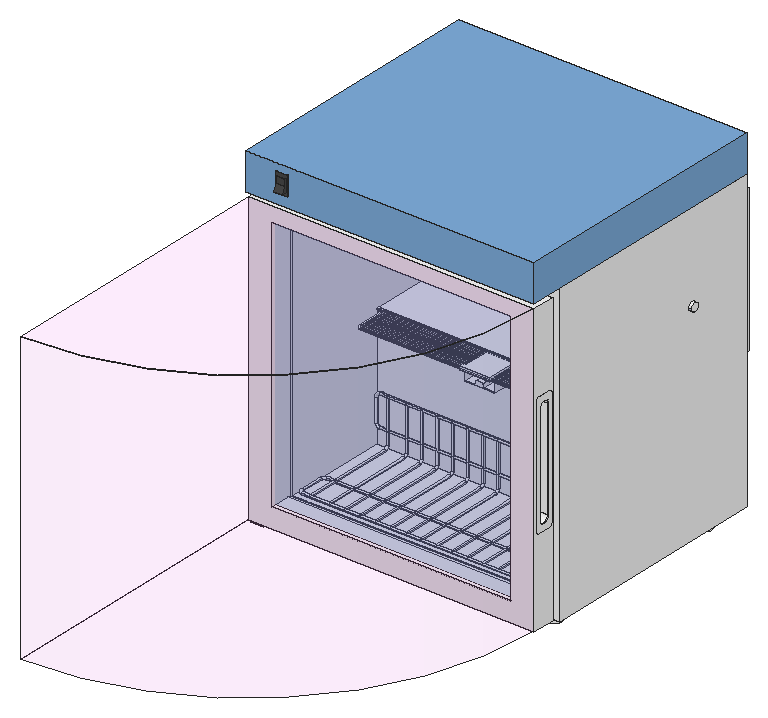
Revit family "QF_Summit_ACR162G_19_Wide_Compact_Healthcare_Refrigerator", category Specialty Equipment, Revit 2020
Family settings
  Round Connector Dimension = Use Diameter
  Part Type = Normal
  Work Plane-Based = No
  Always vertical = Yes
  Cut with Voids When Loaded = No
  Shared = No
  Room Calculation Point = No
Parameters
  Weight in Pounds = 49.6
  Watts = Volts * FL Amps  # 69 W
  Volts = 115 V
  URL Cutsheet = ""
  Specification by User = ""
  Specification by Manufacturer = ""
  Show Right Hand Door [instance] = not(Show Left Hand Door)  # no
  Show Left Hand Door [instance] = yes
  Show Clearance [instance] = yes
  Serial Number = ""
  Seismic Rating = ""
  SMACNA No = ""
  Revision Code = ""
  Refrigerant Type = "R600a"
  Phase = 1
  Number of Poles = 1
  NAFEM Spec ID Number = ""
  Model = "ACR162G"
  Min Ckt Ampacity = 0 A
  Max Overcurrent Protection = 0 A
  Masterspec = ""
  Manufacturer = "Summit"
  Length = 18 3/4"
  Item Number = ""
  Installed By = ""
  Identify Quantity as Lot = yes
  Height = 22.88"
  HP = ""
  Furnished By = ""
  Foodservice Equipment Identifier = yes
  FL Amps = 0.6 A
  Electrical Remarks = ""
  Electric Connection Type = ""
  Elec Conn RI Height = 0"
  Elec Conn Connection Height = 0"
  Description = "19\" Wide Compact Healthcare Refrigerator"
  Depth = 18"
  Default Elevation = 0"
  Cycle = 60 Hz
  Conn Plug = ""
  Conn Conduit = yes
  CSI MasterFormat = ""
  Apparent Power = 0 VA
Reference planes (in)
  plane 1 "BACK": y = 0
  plane 2: z = 0
  plane 3 "LEFT": x = 0
  plane 4 "RIGHT": x = 18.75
  plane 5 "FRONT": y = -18
  plane 6 "TOP": z = 22.88
  plane 7 "Center Y": x = 9.375
  plane 8 "Center X": y = -9
  plane 9: z = 14.75
Forms (in)
  Extrusion 1, solid, material "QF_Plastic_Light_Blue_Smooth"
    sketch origin (0, -0.625, 22.875) x (0, 0, -1) y (1, 0, 0)
      loop
        line (-0.005, 0) -> (2.375, 0) -> (2.375, 18.75) -> (-0.005, 18.75) -> (-0.005, 0)
    from 0 to 17.375
  Extrusion 2, solid, material "QF_Plastic_White_Smooth"
    sketch origin (0, 0, 0) x (0, 1, 0) y (0, 0, 1)
      loop
        line (-15.875, 20.5) -> (-15.875, 1) -> (-0.625, 1) -> (-0.625, 20.5) -> (-15.875, 20.5)
    from 0 to 18.75
  Extrusion 3, void
    sketch origin (1.5625, -3.75, 48) x (0, 1, 0) y (0, 0, 1)
      loop
        line (-12.125, -28.8125) -> (-12.125, -45.75) -> (0, -45.75) -> (0, -28.8125) -> (-12.125, -28.8125)
    from -0.25 to 15.875
  Extrusion 4, solid, material "QF_Plastic_White_Smooth"
    sketch origin (0, -15.875, 20.125) x (0, 0, 1) y (-1, 0, 0)
      loop
        line (-0.5, -0.5625) -> (-18.375, -0.5625) -> (-18.375, -18.1875) -> (-0.5, -18.1875) -> (-0.5, -0.5625)
      loop
        line (-0.9375, -1.3125) -> (-17.875, -1.3125) -> (-17.875, -17.4375) -> (-0.9375, -17.4375) -> (-0.9375, -1.3125)
    from 0 to 0.5
  Extrusion 5, solid, material "QF_Plastic_White_Smooth"
    sketch origin (0.375, 0, 48) x (0, -1, 0) y (0, 0, 1)
      loop
        line (0.5, -39.5) -> (0.5, -47) -> (0.625, -47) -> (0.625, -39.5) -> (0.5, -39.5)
      loop
        line (0.625, -28.75) -> (0, -28.75) -> (0, -38.25) -> (0.625, -38.25) -> (0.625, -28.75)
    from 0 to -18
  Revolve 6, solid, material "QF_Plastic_White_Smooth"
    sketch origin (1.5, -180, 0) x (0, 0, 1) y (0, -1, 0)
      loop
        line (0, -165.625) -> (0, -166.125) -> (1, -166.125) -> (1, -165.625) -> (0, -165.625)
      axis (1, -165.625) -> (0, -165.625)
    angle from 0 to 360
  Revolve 7, solid, material "QF_Plastic_White_Smooth"
    sketch origin (1.5, -180, 0) x (0, 0, 1) y (0, -1, 0)
      loop
        line (0, -177.875) -> (0, -178.375) -> (1, -178.375) -> (1, -177.875) -> (0, -177.875)
      axis (1, -177.875) -> (0, -177.875)
    angle from 0 to 360
  Revolve 8, solid, material "QF_Plastic_White_Smooth"
    sketch origin (17.25, -180, 0) x (0, 0, 1) y (0, 1, 0)
      loop
        line (0, 165.625) -> (1, 165.625) -> (1, 166.125) -> (0, 166.125) -> (0, 165.625)
      axis (1, 165.625) -> (0, 165.625)
    angle from 0 to 360
  Revolve 9, solid, material "QF_Plastic_White_Smooth"
    sketch origin (17.25, -180, 0) x (0, 0, 1) y (0, 1, 0)
      loop
        line (0, 177.875) -> (1, 177.875) -> (1, 178.375) -> (0, 178.375) -> (0, 177.875)
      axis (1, 177.875) -> (0, 177.875)
    angle from 0 to 360
  Extrusion 10, solid, material "QF_Plastic_White_Smooth"
    sketch origin (18.75, 0, 0) x (0, 1, 0) y (0, 0, 1)
      loop
        circle (-5.125, 14.75) r 0.25
    from 0 to 0.25
  Extrusion 11, solid, material "QF_Plastic_White_Smooth"
    sketch origin (1.3125, -3.75, 48) x (0, 1, 0) y (0, 0, 1)
      loop
        line (0, -45.75) -> (0, -38) -> (-5.25, -38) -> (-5.25, -45.75) -> (0, -45.75)
    from 0 to 16.125
  Extrusion 12, solid, material "QF_Metal_Stainless_Polished"
    sketch origin (0.375, -0.5, 7.10956) x (0, 0, 1) y (1, 0, 0)
      loop
        circle (-5.46974, 16.25) r 0.25
    from 0 to 0.03125
  Extrusion 13, solid, material "QF_Plastic_White_Smooth"
    sketch origin (8.375, -180, 12.86214) x (0, 0, 1) y (0, -1, 0)
      loop
        line (-2.65962, -171) -> (-2.65962, -168.94531) -> (-2.90962, -168.94531) -> (-2.90962, -169.25) -> (-2.77431, -169.25) -> (-2.77431, -169.16907) -> (-2.86675, -169.16907) -> (-2.86675, -169.02734) -> (-2.74165, -169.02734) -> (-2.74165, -171) -> (-2.65962, -171)
    from 0 to 2
  Extrusion 14, solid, material "QF_Plastic_White_Smooth"
    sketch origin (0, -9.27548, 11.186) x (0, 0, 1) y (1, 0, 0)
      loop
        line (-1.06551, 8.375) -> (-1.06551, 10.375) -> (-2.061, 10.375) -> (-2.061, 8.375) -> (-1.06551, 8.375)
      loop
        line (-2.02975, 8.40625) -> (-1.09676, 8.40625) -> (-1.09676, 10.34375) -> (-2.02975, 10.34375) -> (-2.02975, 9.625) -> (-1.80319, 9.625)
        arc (-1.80319, 9.625) -> (-1.78662, 9.61814) -> (-1.77975, 9.60156) r 0.02344
        line (-1.77975, 9.60156) -> (-1.77975, 9.15005)
        arc (-1.77975, 9.15005) -> (-1.78709, 9.13234) -> (-1.8048, 9.125) r 0.02505
        line (-1.8048, 9.125) -> (-2.02975, 9.125) -> (-2.02975, 8.40625)
    from 0.27548 to -1.38241
  Extrusion 15, solid, material "QF_Plastic_White_Smooth"
    sketch origin (1.3125, -3.75, 48) x (0, 1, 0) y (0, 0, 1)
      loop
        line (-5.23406, -37.87565) -> (0, -37.87565) -> (0, -37.79748) -> (-5.16817, -37.79748)
        arc (-5.16817, -37.79748) -> (-5.19238, -37.8023) -> (-5.21291, -37.81601) r 0.06328
        line (-5.21291, -37.81601) -> (-5.24533, -37.84843)
        arc (-5.24533, -37.84843) -> (-5.24879, -37.8658) -> (-5.23406, -37.87565) r 0.01594
    from 0 to 16.125
  Sweep 16, solid, material "QF_Plastic_White_Smooth"
    path origin (0, 0, 0) x (1, 0, 0) y (0, 1, 0)
      loop
        arc (1.90625, -8.79317) -> (1.72947, -8.86639) -> (1.65625, -9.04317) r 0.25
        line (1.65625, -9.04317) -> (1.65625, -10.75387)
        arc (1.65625, -10.75387) -> (1.72947, -10.93065) -> (1.90625, -11.00387) r 0.25
        line (1.90625, -11.00387) -> (16.84375, -11.00387)
        arc (16.84375, -11.00387) -> (17.02053, -10.93065) -> (17.09375, -10.75387) r 0.25
        line (17.09375, -10.75387) -> (17.09375, -9.04317)
        arc (17.09375, -9.04317) -> (17.02053, -8.86639) -> (16.84375, -8.79317) r 0.25
        line (16.84375, -8.79317) -> (1.90625, -8.79317)
    profile origin (9.375, -8.79317, 0) x (0, 1, 0) y (0, 0, 1)
      loop
        circle (0, 10.05073) r 0.0355
  Extrusion 17, solid, material "QF_Plastic_White_Smooth"
    sketch origin (0, -10.91087, 10.09599) x (0, 0, 1) y (1, 0, 0)
      loop
        circle (-0.03314, 1.77198) r 0.01764
      loop
        circle (-0.03314, 1.82589) r 0.01764
      loop
        circle (-0.03314, 1.87572) r 0.01764
      loop
        circle (-0.03314, 1.93129) r 0.01764
      loop
        circle (-0.03314, 1.98683) r 0.01764
      loop
        circle (-0.03314, 2.04074) r 0.01764
      loop
        circle (-0.03314, 2.09236) r 0.01764
      loop
        circle (-0.03314, 2.14793) r 0.01764
      loop
        circle (-0.03314, 2.20347) r 0.01764
      loop
        circle (-0.03314, 2.25739) r 0.01764
      loop
        circle (-0.03314, 2.30758) r 0.01764
      loop
        circle (-0.03314, 2.36316) r 0.01764
      loop
        circle (-0.03314, 2.4187) r 0.01764
      loop
        circle (-0.03314, 2.47261) r 0.01764
      loop
        circle (-0.03314, 2.52244) r 0.01764
      loop
        circle (-0.03314, 2.57801) r 0.01764
      loop
        circle (-0.03314, 2.63356) r 0.01764
      loop
        circle (-0.03314, 2.68747) r 0.01764
      loop
        circle (-0.03314, 2.73908) r 0.01764
      loop
        circle (-0.03314, 2.79465) r 0.01764
      loop
        circle (-0.03314, 2.8502) r 0.01764
      loop
        circle (-0.03314, 2.90411) r 0.01764
      loop
        circle (-0.03314, 2.95577) r 0.01764
      loop
        circle (-0.03314, 3.01135) r 0.01764
      loop
        circle (-0.03314, 3.06689) r 0.01764
      loop
        circle (-0.03314, 3.1208) r 0.01764
      loop
        circle (-0.03314, 3.17063) r 0.01764
      loop
        circle (-0.03314, 3.2262) r 0.01764
      loop
        circle (-0.03314, 3.28175) r 0.01764
      loop
        circle (-0.03314, 3.33566) r 0.01764
      loop
        circle (-0.03314, 3.38727) r 0.01764
      loop
        circle (-0.03314, 3.44284) r 0.01764
      loop
        circle (-0.03314, 3.49839) r 0.01764
      loop
        circle (-0.03314, 3.5523) r 0.01764
      loop
        circle (-0.03314, 3.60185) r 0.01764
      loop
        circle (-0.03314, 3.65742) r 0.01764
      loop
        circle (-0.03314, 3.71296) r 0.01764
      loop
        circle (-0.03314, 3.76688) r 0.01764
      loop
        circle (-0.03314, 3.8167) r 0.01764
      loop
        circle (-0.03314, 3.87227) r 0.01764
      loop
        circle (-0.03314, 3.92782) r 0.01764
      loop
        circle (-0.03314, 3.98173) r 0.01764
      loop
        circle (-0.03314, 4.03335) r 0.01764
      loop
        circle (-0.03314, 4.08892) r 0.01764
      loop
        circle (-0.03314, 4.14446) r 0.01764
      loop
        circle (-0.03314, 4.19837) r 0.01764
      loop
        circle (-0.03314, 4.25008) r 0.01764
      loop
        circle (-0.03314, 4.30565) r 0.01764
      loop
        circle (-0.03314, 4.3612) r 0.01764
      loop
        circle (-0.03314, 4.41511) r 0.01764
      loop
        circle (-0.03314, 4.46494) r 0.01764
      loop
        circle (-0.03314, 4.52051) r 0.01764
      loop
        circle (-0.03314, 4.57606) r 0.01764
      loop
        circle (-0.03314, 4.62997) r 0.01764
      loop
        circle (-0.03314, 4.68158) r 0.01764
      loop
        circle (-0.03314, 4.73715) r 0.01764
      loop
        circle (-0.03314, 4.7927) r 0.01764
      loop
        circle (-0.03314, 4.84661) r 0.01764
      loop
        circle (-0.03314, 4.89492) r 0.01764
      loop
        circle (-0.03314, 4.95049) r 0.01764
      loop
        circle (-0.03314, 5.00604) r 0.01764
      loop
        circle (-0.03314, 5.05995) r 0.01764
      loop
        circle (-0.03314, 5.10978) r 0.01764
      loop
        circle (-0.03314, 5.16535) r 0.01764
      loop
        circle (-0.03314, 5.22089) r 0.01764
      loop
        circle (-0.03314, 5.27481) r 0.01764
      loop
        circle (-0.03314, 5.32642) r 0.01764
      loop
        circle (-0.03314, 5.38199) r 0.01764
      loop
        circle (-0.03314, 5.43754) r 0.01764
      loop
        circle (-0.03314, 5.49145) r 0.01764
      loop
        circle (-0.03314, 5.54645) r 0.01764
      loop
        circle (-0.03314, 5.60202) r 0.01764
      loop
        circle (-0.03314, 5.65757) r 0.01764
      loop
        circle (-0.03314, 5.71148) r 0.01764
      loop
        circle (-0.03314, 5.76131) r 0.01764
      loop
        circle (-0.03314, 5.81688) r 0.01764
      loop
        circle (-0.03314, 5.87242) r 0.01764
      loop
        circle (-0.03314, 5.92634) r 0.01764
      loop
        circle (-0.03314, 5.97795) r 0.01764
      loop
        circle (-0.03314, 6.03352) r 0.01764
      loop
        circle (-0.03314, 6.08907) r 0.01764
      loop
        circle (-0.03314, 6.14298) r 0.01764
      loop
        circle (-0.03314, 6.19487) r 0.01764
      loop
        circle (-0.03314, 6.25045) r 0.01764
      loop
        circle (-0.03314, 6.30599) r 0.01764
      loop
        circle (-0.03314, 6.3599) r 0.01764
      loop
        circle (-0.03314, 6.40821) r 0.01764
      loop
        circle (-0.03314, 6.46379) r 0.01764
      loop
        circle (-0.03314, 6.51933) r 0.01764
      loop
        circle (-0.03314, 6.57324) r 0.01764
      loop
        circle (-0.03314, 6.62307) r 0.01764
      loop
        circle (-0.03314, 6.67864) r 0.01764
      loop
        circle (-0.03314, 6.73419) r 0.01764
      loop
        circle (-0.03314, 6.7881) r 0.01764
      loop
        circle (-0.03314, 6.83971) r 0.01764
      loop
        circle (-0.03314, 6.89528) r 0.01764
      loop
        circle (-0.03314, 6.95083) r 0.01764
      loop
        circle (-0.03314, 7.00474) r 0.01764
      loop
        circle (-0.03314, 7.05974) r 0.01764
      loop
        circle (-0.03314, 7.11532) r 0.01764
      loop
        circle (-0.03314, 7.17086) r 0.01764
      loop
        circle (-0.03314, 7.22477) r 0.01764
      loop
        circle (-0.03314, 7.2746) r 0.01764
      loop
        circle (-0.03314, 7.33017) r 0.01764
      loop
        circle (-0.03314, 7.38572) r 0.01764
      loop
        circle (-0.03314, 7.43963) r 0.01764
      loop
        circle (-0.03314, 7.49124) r 0.01764
      loop
        circle (-0.03314, 7.54681) r 0.01764
      loop
        circle (-0.03314, 7.60236) r 0.01764
      loop
        circle (-0.03314, 7.65627) r 0.01764
      loop
        circle (-0.03314, 7.70779) r 0.01764
      loop
        circle (-0.03314, 7.76279) r 0.01764
      loop
        circle (-0.03314, 7.81836) r 0.01764
      loop
        circle (-0.03314, 7.8739) r 0.01764
      loop
        circle (-0.03314, 7.92782) r 0.01764
      loop
        circle (-0.03314, 7.97764) r 0.01764
      loop
        circle (-0.03314, 8.03322) r 0.01764
      loop
        circle (-0.03314, 8.08876) r 0.01764
      loop
        circle (-0.03314, 8.14267) r 0.01764
      loop
        circle (-0.03314, 8.19429) r 0.01764
      loop
        circle (-0.03314, 8.24986) r 0.01764
      loop
        circle (-0.03314, 8.3054) r 0.01764
      loop
        circle (-0.03314, 8.35541) r 0.01764
      loop
        circle (-0.03314, 16.97802) r 0.01764
      loop
        circle (-0.03314, 16.92411) r 0.01764
      loop
        circle (-0.03314, 16.87428) r 0.01764
      loop
        circle (-0.03314, 16.81871) r 0.01764
      loop
        circle (-0.03314, 16.76317) r 0.01764
      loop
        circle (-0.03314, 16.70926) r 0.01764
      loop
        circle (-0.03314, 16.65764) r 0.01764
      loop
        circle (-0.03314, 16.60207) r 0.01764
      loop
        circle (-0.03314, 16.54653) r 0.01764
      loop
        circle (-0.03314, 16.49261) r 0.01764
      loop
        circle (-0.03314, 16.44242) r 0.01764
      loop
        circle (-0.03314, 16.38684) r 0.01764
      loop
        circle (-0.03314, 16.3313) r 0.01764
      loop
        circle (-0.03314, 16.27739) r 0.01764
      loop
        circle (-0.03314, 16.22756) r 0.01764
      loop
        circle (-0.03314, 16.17199) r 0.01764
      loop
        circle (-0.03314, 16.11644) r 0.01764
      loop
        circle (-0.03314, 16.06253) r 0.01764
      loop
        circle (-0.03314, 16.01092) r 0.01764
      loop
        circle (-0.03314, 15.95535) r 0.01764
      loop
        circle (-0.03314, 15.8998) r 0.01764
      loop
        circle (-0.03314, 15.84589) r 0.01764
      loop
        circle (-0.03314, 15.79423) r 0.01764
      loop
        circle (-0.03314, 15.73865) r 0.01764
      loop
        circle (-0.03314, 15.68311) r 0.01764
      loop
        circle (-0.03314, 15.6292) r 0.01764
      loop
        circle (-0.03314, 15.57937) r 0.01764
      loop
        circle (-0.03314, 15.5238) r 0.01764
      loop
        circle (-0.03314, 15.46825) r 0.01764
      loop
        circle (-0.03314, 15.41434) r 0.01764
      loop
        circle (-0.03314, 15.36273) r 0.01764
      loop
        circle (-0.03314, 15.30716) r 0.01764
      loop
        circle (-0.03314, 15.25161) r 0.01764
      loop
        circle (-0.03314, 15.1977) r 0.01764
      loop
        circle (-0.03314, 15.14815) r 0.01764
      loop
        circle (-0.03314, 15.09258) r 0.01764
      loop
        circle (-0.03314, 15.03704) r 0.01764
      loop
        circle (-0.03314, 14.98312) r 0.01764
      loop
        circle (-0.03314, 14.9333) r 0.01764
      loop
        circle (-0.03314, 14.87773) r 0.01764
      loop
        circle (-0.03314, 14.82218) r 0.01764
      loop
        circle (-0.03314, 14.76827) r 0.01764
      loop
        circle (-0.03314, 14.71665) r 0.01764
      loop
        circle (-0.03314, 14.66108) r 0.01764
      loop
        circle (-0.03314, 14.60554) r 0.01764
      loop
        circle (-0.03314, 14.55163) r 0.01764
      loop
        circle (-0.03314, 14.49992) r 0.01764
      loop
        circle (-0.03314, 14.44435) r 0.01764
      loop
        circle (-0.03314, 14.3888) r 0.01764
      loop
        circle (-0.03314, 14.33489) r 0.01764
      loop
        circle (-0.03314, 14.28506) r 0.01764
      loop
        circle (-0.03314, 14.22949) r 0.01764
      loop
        circle (-0.03314, 14.17394) r 0.01764
      loop
        circle (-0.03314, 14.12003) r 0.01764
      loop
        circle (-0.03314, 14.06842) r 0.01764
      loop
        circle (-0.03314, 14.01285) r 0.01764
      loop
        circle (-0.03314, 13.9573) r 0.01764
      loop
        circle (-0.03314, 13.90339) r 0.01764
      loop
        circle (-0.03314, 13.85508) r 0.01764
      loop
        circle (-0.03314, 13.79951) r 0.01764
      loop
        circle (-0.03314, 13.74396) r 0.01764
      loop
        circle (-0.03314, 13.69005) r 0.01764
      loop
        circle (-0.03314, 13.64022) r 0.01764
      loop
        circle (-0.03314, 13.58465) r 0.01764
      loop
        circle (-0.03314, 13.52911) r 0.01764
      loop
        circle (-0.03314, 13.47519) r 0.01764
      loop
        circle (-0.03314, 13.42358) r 0.01764
      loop
        circle (-0.03314, 13.36801) r 0.01764
      loop
        circle (-0.03314, 13.31246) r 0.01764
      loop
        circle (-0.03314, 13.25855) r 0.01764
      loop
        circle (-0.03314, 13.20355) r 0.01764
      loop
        circle (-0.03314, 13.14798) r 0.01764
      loop
        circle (-0.03314, 13.09243) r 0.01764
      loop
        circle (-0.03314, 13.03852) r 0.01764
      loop
        circle (-0.03314, 12.98869) r 0.01764
      loop
        circle (-0.03314, 12.93312) r 0.01764
      loop
        circle (-0.03314, 12.87758) r 0.01764
      loop
        circle (-0.03314, 12.82366) r 0.01764
      loop
        circle (-0.03314, 12.77205) r 0.01764
      loop
        circle (-0.03314, 12.71648) r 0.01764
      loop
        circle (-0.03314, 12.66093) r 0.01764
      loop
        circle (-0.03314, 12.60702) r 0.01764
      loop
        circle (-0.03314, 12.55513) r 0.01764
      loop
        circle (-0.03314, 12.49955) r 0.01764
      loop
        circle (-0.03314, 12.44401) r 0.01764
      loop
        circle (-0.03314, 12.3901) r 0.01764
      loop
        circle (-0.03314, 12.34179) r 0.01764
      loop
        circle (-0.03314, 12.28621) r 0.01764
      loop
        circle (-0.03314, 12.23067) r 0.01764
      loop
        circle (-0.03314, 12.17676) r 0.01764
      loop
        circle (-0.03314, 12.12693) r 0.01764
      loop
        circle (-0.03314, 12.07136) r 0.01764
      loop
        circle (-0.03314, 12.01581) r 0.01764
      loop
        circle (-0.03314, 11.9619) r 0.01764
      loop
        circle (-0.03314, 11.91029) r 0.01764
      loop
        circle (-0.03314, 11.85472) r 0.01764
      loop
        circle (-0.03314, 11.79917) r 0.01764
      loop
        circle (-0.03314, 11.74526) r 0.01764
      loop
        circle (-0.03314, 11.69026) r 0.01764
      loop
        circle (-0.03314, 11.63468) r 0.01764
      loop
        circle (-0.03314, 11.57914) r 0.01764
      loop
        circle (-0.03314, 11.52523) r 0.01764
      loop
        circle (-0.03314, 11.4754) r 0.01764
      loop
        circle (-0.03314, 11.41983) r 0.01764
      loop
        circle (-0.03314, 11.36428) r 0.01764
      loop
        circle (-0.03314, 11.31037) r 0.01764
      loop
        circle (-0.03314, 11.25876) r 0.01764
      loop
        circle (-0.03314, 11.20319) r 0.01764
      loop
        circle (-0.03314, 11.14764) r 0.01764
      loop
        circle (-0.03314, 11.09373) r 0.01764
      loop
        circle (-0.03314, 11.04221) r 0.01764
      loop
        circle (-0.03314, 10.98721) r 0.01764
      loop
        circle (-0.03314, 10.93164) r 0.01764
      loop
        circle (-0.03314, 10.8761) r 0.01764
      loop
        circle (-0.03314, 10.82218) r 0.01764
      loop
        circle (-0.03314, 10.77236) r 0.01764
      loop
        circle (-0.03314, 10.71678) r 0.01764
      loop
        circle (-0.03314, 10.66124) r 0.01764
      loop
        circle (-0.03314, 10.60733) r 0.01764
      loop
        circle (-0.03314, 10.55571) r 0.01764
      loop
        circle (-0.03314, 10.50014) r 0.01764
      loop
        circle (-0.03314, 10.4446) r 0.01764
      loop
        circle (-0.03314, 10.39459) r 0.01764
    from -0.0773 to 2.0978
  Extrusion 18, void
    sketch origin (0, 0, 0) x (1, 0, 0) y (0, 0, 1)
      loop
        circle (9.375, 17.09918) r 1.86562
    from 3.47603 to 3.75
  Extrusion 19, solid, material "QF_Metal_Stainless_Polished"
    sketch origin (1.5625, -3.75, 18.875) x (0, 0, -1) y (1, 0, 0)
      loop
        circle (-0.00451, 6.03217) r 0.15366
      loop
        circle (-0.00451, 9.59283) r 0.15366
      loop
        circle (3.55615, 9.59283) r 0.15366
      loop
        circle (3.55615, 6.03217) r 0.15366
    from 0 to 0.125
  Sweep 20, solid, material "QF_Metal_Stainless_Polished"
    path origin (0, -3.81274, 20.9043) x (0, 0, 1) y (1, 0, 0)
      loop
        line (-5.58545, 7.62333) -> (-3.96866, 9.10058)
        arc (-3.96866, 9.10058) -> (-3.80512, 9.16404) -> (-3.64159, 9.10058) r 0.24244
        line (-3.64159, 9.10058) -> (-2.02479, 7.62333)
    profile origin (8.36196, -3.81274, 16.12724) x (0.738248, 0, -0.674529) y (0, 1, 0)
      loop
        circle (0, 0) r 0.0625
  Sweep 21, solid, material "QF_Metal_Stainless_Polished"
    path origin (0, -3.81274, 20.9043) x (0, 0, 1) y (1, 0, 0)
      loop
        line (-5.58545, 11.12667) -> (-3.96866, 9.64942)
        arc (-3.96866, 9.64942) -> (-3.80512, 9.58596) -> (-3.64159, 9.64942) r 0.24244
        line (-3.64159, 9.64942) -> (-2.02479, 11.12667)
    profile origin (10.38804, -3.81274, 16.12724) x (0.738248, 0, 0.674529) y (0, 1, 0)
      loop
        circle (0, 0) r 0.0625
  Sweep 22, solid, material "QF_Metal_Stainless_Polished"
    path origin (0, -3.75, 18.34918) x (0, 0, 1) y (1, 0, 0)
      loop
        circle (-1.25, 9.375) r 1.79706
    profile origin (7.57794, -3.75, 17.09918) x (0, 1, 0) y (-1, 0, 0)
      loop
        circle (0, 0) r 0.03311
  Sweep 23, solid, material "QF_Metal_Stainless_Polished"
    path origin (0, -3.75, 18.34918) x (0, 0, 1) y (1, 0, 0)
      loop
        circle (-1.25, 9.375) r 1.58291
    profile origin (7.79209, -3.75, 17.09918) x (0, 1, 0) y (-1, 0, 0)
      loop
        circle (0, 0) r 0.03311
  Sweep 24, solid, material "QF_Metal_Stainless_Polished"
    path origin (0, -3.75, 18.34918) x (0, 0, 1) y (1, 0, 0)
      loop
        circle (-1.25, 9.375) r 1.33469
    profile origin (8.04031, -3.75, 17.09918) x (0, 1, 0) y (-1, 0, 0)
      loop
        circle (0, 0) r 0.03311
  Sweep 25, solid, material "QF_Metal_Stainless_Polished"
    path origin (0, -3.75, 18.34918) x (0, 0, 1) y (1, 0, 0)
      loop
        circle (-1.25, 9.375) r 1.07736
    profile origin (8.29764, -3.75, 17.09918) x (0, 1, 0) y (-1, 0, 0)
      loop
        circle (0, 0) r 0.03311
  Sweep 26, solid, material "QF_Metal_Stainless_Polished"
    path origin (0, -3.75, 18.34918) x (0, 0, 1) y (1, 0, 0)
      loop
        circle (-1.25, 9.375) r 0.57884
    profile origin (8.79616, -3.75, 17.09918) x (0, 1, 0) y (-1, 0, 0)
      loop
        circle (0, 0) r 0.03311
  Sweep 27, solid, material "QF_Metal_Stainless_Polished"
    path origin (0, -3.75, 18.34918) x (0, 0, 1) y (1, 0, 0)
      loop
        circle (-1.25, 9.375) r 0.83566
    profile origin (8.53934, -3.75, 17.09918) x (0, 1, 0) y (-1, 0, 0)
      loop
        circle (0, 0) r 0.03311
  Sweep 28, solid, material "QF_Plastic_White_Smooth"
    path origin (0, -18, 0) x (1, 0, 0) y (0, 0, 1)
      loop
        arc (1.67793, 5.3819) -> (1.50115, 5.30868) -> (1.42793, 5.1319) r 0.25
        line (1.42793, 5.1319) -> (1.42793, 3.6319)
        arc (1.42793, 3.6319) -> (1.50115, 3.45513) -> (1.67793, 3.3819) r 0.25
        line (1.67793, 3.3819) -> (17.07031, 3.3819)
        arc (17.07031, 3.3819) -> (17.24709, 3.45513) -> (17.32031, 3.6319) r 0.25
        line (17.32031, 3.6319) -> (17.32031, 5.1319)
        arc (17.32031, 5.1319) -> (17.24709, 5.30868) -> (17.07031, 5.3819) r 0.25
        line (17.07031, 5.3819) -> (1.67793, 5.3819)
    profile origin (9.37412, -18, 5.3819) x (0, 0, 1) y (0, -1, 0)
      loop
        circle (0, -8.8432) r 0.07039
  Sweep 29, solid, material "QF_Plastic_White_Smooth"
    path origin (0, 0.00146, 0.02344) x (0, 1, 0) y (0, 0, 1)
      loop
        line (-9.15856, 5.38619) -> (-9.15856, 2.54244)
        arc (-9.15856, 2.54244) -> (-9.23179, 2.36567) -> (-9.40856, 2.29244) r 0.25
        line (-9.40856, 2.29244) -> (-15.47037, 2.29244)
    profile origin (0, -9.1571, 3.98776) x (1, 0, 0) y (0, 1, 0)
      loop
        circle (2.15767, 0) r 0.06257
  Sweep 30, solid, material "QF_Plastic_White_Smooth"
    path origin (3.40767, 0.00146, 0.02344) x (0, 1, 0) y (0, 0, 1)
      loop
        line (-9.15856, 5.38619) -> (-9.15856, 2.54244)
        arc (-9.15856, 2.54244) -> (-9.23179, 2.36567) -> (-9.40856, 2.29244) r 0.25
        line (-9.40856, 2.29244) -> (-15.47037, 2.29244)
    profile origin (3.40767, -9.1571, 3.98776) x (1, 0, 0) y (0, 1, 0)
      loop
        circle (0, 0) r 0.0625
  Sweep 31, solid, material "QF_Plastic_White_Smooth"
    path origin (2.25, 0.00146, 0.02344) x (0, 1, 0) y (0, 0, 1)
      loop
        line (-9.15856, 5.38619) -> (-9.15856, 2.54244)
        arc (-9.15856, 2.54244) -> (-9.23179, 2.36567) -> (-9.40856, 2.29244) r 0.25
        line (-9.40856, 2.29244) -> (-15.47037, 2.29244)
    profile origin (2.25, -9.1571, 3.98776) x (1, 0, 0) y (0, 1, 0)
      loop
        circle (2.15767, 0) r 0.0625
  Sweep 32, solid, material "QF_Plastic_White_Smooth"
    path origin (5.40767, 0.00146, 0.02344) x (0, 1, 0) y (0, 0, 1)
      loop
        line (-9.15856, 5.38619) -> (-9.15856, 2.54244)
        arc (-9.15856, 2.54244) -> (-9.23179, 2.36567) -> (-9.40856, 2.29244) r 0.25
        line (-9.40856, 2.29244) -> (-15.47037, 2.29244)
    profile origin (5.40767, -9.1571, 3.98776) x (1, 0, 0) y (0, 1, 0)
      loop
        circle (0, 0) r 0.0625
  Sweep 33, solid, material "QF_Plastic_White_Smooth"
    path origin (6.40767, 0.00146, 0.02344) x (0, 1, 0) y (0, 0, 1)
      loop
        line (-9.15856, 5.38619) -> (-9.15856, 2.54244)
        arc (-9.15856, 2.54244) -> (-9.23179, 2.36567) -> (-9.40856, 2.29244) r 0.25
        line (-9.40856, 2.29244) -> (-15.47037, 2.29244)
    profile origin (6.40767, -9.1571, 3.98776) x (1, 0, 0) y (0, 1, 0)
      loop
        circle (0, 0) r 0.0625
  Sweep 34, solid, material "QF_Plastic_White_Smooth"
    path origin (7.40767, 0.00146, 0.02344) x (0, 1, 0) y (0, 0, 1)
      loop
        line (-9.15856, 5.38619) -> (-9.15856, 2.54244)
        arc (-9.15856, 2.54244) -> (-9.23179, 2.36567) -> (-9.40856, 2.29244) r 0.25
        line (-9.40856, 2.29244) -> (-15.47037, 2.29244)
    profile origin (7.40767, -9.1571, 3.98776) x (1, 0, 0) y (0, 1, 0)
      loop
        circle (0, 0) r 0.0625
  Sweep 35, solid, material "QF_Plastic_White_Smooth"
    path origin (8.40767, 0.00146, 0.02344) x (0, 1, 0) y (0, 0, 1)
      loop
        line (-9.15856, 5.38619) -> (-9.15856, 2.54244)
        arc (-9.15856, 2.54244) -> (-9.23179, 2.36567) -> (-9.40856, 2.29244) r 0.25
        line (-9.40856, 2.29244) -> (-15.47037, 2.29244)
    profile origin (8.40767, -9.1571, 3.98776) x (1, 0, 0) y (0, 1, 0)
      loop
        circle (0, 0) r 0.0625
  Sweep 36, solid, material "QF_Plastic_White_Smooth"
    path origin (9.375, 0.00146, 0.02344) x (0, 1, 0) y (0, 0, 1)
      loop
        line (-9.15856, 5.38619) -> (-9.15856, 2.54244)
        arc (-9.15856, 2.54244) -> (-9.23179, 2.36567) -> (-9.40856, 2.29244) r 0.25
        line (-9.40856, 2.29244) -> (-15.47037, 2.29244)
    profile origin (9.375, -9.1571, 3.98776) x (1, 0, 0) y (0, 1, 0)
      loop
        circle (0, 0) r 0.0625
  Sweep 37, solid, material "QF_Plastic_White_Smooth"
    path origin (10.40767, 0.00146, 0.02344) x (0, 1, 0) y (0, 0, 1)
      loop
        line (-9.15856, 5.38619) -> (-9.15856, 2.54244)
        arc (-9.15856, 2.54244) -> (-9.23179, 2.36567) -> (-9.40856, 2.29244) r 0.25
        line (-9.40856, 2.29244) -> (-15.47037, 2.29244)
    profile origin (10.40767, -9.1571, 3.98776) x (1, 0, 0) y (0, 1, 0)
      loop
        circle (0, 0) r 0.0625
  Sweep 38, solid, material "QF_Plastic_White_Smooth"
    path origin (11.40767, 0.00146, 0.02344) x (0, 1, 0) y (0, 0, 1)
      loop
        line (-9.15856, 5.38619) -> (-9.15856, 2.54244)
        arc (-9.15856, 2.54244) -> (-9.23179, 2.36567) -> (-9.40856, 2.29244) r 0.25
        line (-9.40856, 2.29244) -> (-15.47037, 2.29244)
    profile origin (11.40767, -9.1571, 3.98776) x (1, 0, 0) y (0, 1, 0)
      loop
        circle (0, 0) r 0.0625
  Sweep 39, solid, material "QF_Plastic_White_Smooth"
    path origin (12.40767, 0.00146, 0.02344) x (0, 1, 0) y (0, 0, 1)
      loop
        line (-9.15856, 5.38619) -> (-9.15856, 2.54244)
        arc (-9.15856, 2.54244) -> (-9.23179, 2.36567) -> (-9.40856, 2.29244) r 0.25
        line (-9.40856, 2.29244) -> (-15.47037, 2.29244)
    profile origin (12.40767, -9.1571, 3.98776) x (1, 0, 0) y (0, 1, 0)
      loop
        circle (0, 0) r 0.0625
  Sweep 40, solid, material "QF_Plastic_White_Smooth"
    path origin (13.40767, 0.00146, 0.02344) x (0, 1, 0) y (0, 0, 1)
      loop
        line (-9.15856, 5.38619) -> (-9.15856, 2.54244)
        arc (-9.15856, 2.54244) -> (-9.23179, 2.36567) -> (-9.40856, 2.29244) r 0.25
        line (-9.40856, 2.29244) -> (-15.47037, 2.29244)
    profile origin (13.40767, -9.1571, 3.98776) x (1, 0, 0) y (0, 1, 0)
      loop
        circle (0, 0) r 0.0625
  Sweep 41, solid, material "QF_Plastic_White_Smooth"
    path origin (14.40767, 0.00146, 0.02344) x (0, 1, 0) y (0, 0, 1)
      loop
        line (-9.15856, 5.38619) -> (-9.15856, 2.54244)
        arc (-9.15856, 2.54244) -> (-9.23179, 2.36567) -> (-9.40856, 2.29244) r 0.25
        line (-9.40856, 2.29244) -> (-15.47037, 2.29244)
    profile origin (14.40767, -9.1571, 3.98776) x (1, 0, 0) y (0, 1, 0)
      loop
        circle (0, 0) r 0.0625
  Sweep 42, solid, material "QF_Plastic_White_Smooth"
    path origin (15.40767, 0.00146, 0.02344) x (0, 1, 0) y (0, 0, 1)
      loop
        line (-9.15856, 5.38619) -> (-9.15856, 2.54244)
        arc (-9.15856, 2.54244) -> (-9.23179, 2.36567) -> (-9.40856, 2.29244) r 0.25
        line (-9.40856, 2.29244) -> (-15.47037, 2.29244)
    profile origin (15.40767, -9.1571, 3.98776) x (1, 0, 0) y (0, 1, 0)
      loop
        circle (0, 0) r 0.0625
  Sweep 43, solid, material "QF_Plastic_White_Smooth"
    path origin (16.59233, 0.00146, 0.02344) x (0, 1, 0) y (0, 0, 1)
      loop
        line (-9.15856, 5.38619) -> (-9.15856, 2.54244)
        arc (-9.15856, 2.54244) -> (-9.23179, 2.36567) -> (-9.40856, 2.29244) r 0.25
        line (-9.40856, 2.29244) -> (-15.47037, 2.29244)
    profile origin (16.59233, -9.1571, 3.98776) x (1, 0, 0) y (0, 1, 0)
      loop
        circle (0, 0) r 0.0625
  Sweep 44, solid, material "QF_Plastic_White_Smooth"
    path origin (0, -10.08699, -6.52192) x (0, -1, 0) y (1, 0, 0)
      loop
        line (5.3819, 1.67793) -> (5.3819, 17.07031)
        arc (5.3819, 17.07031) -> (5.30868, 17.24709) -> (5.1319, 17.32031) r 0.25
        line (5.1319, 17.32031) -> (3.6319, 17.32031)
        arc (3.6319, 17.32031) -> (3.45513, 17.24709) -> (3.3819, 17.07031) r 0.25
        line (3.3819, 17.07031) -> (3.3819, 1.67793)
        arc (3.3819, 1.67793) -> (3.45513, 1.50115) -> (3.6319, 1.42793) r 0.25
        line (3.6319, 1.42793) -> (5.1319, 1.42793)
        arc (5.1319, 1.42793) -> (5.30868, 1.50115) -> (5.3819, 1.67793) r 0.25
    profile origin (9.37412, -15.4689, -6.52192) x (0, 1, 0) y (0, 0, 1)
      loop
        circle (0, 8.8432) r 0.07039
  Sweep 45, solid, material "QF_Metal_Stainless_Polished"
    path origin (0, -3.75, 18.34918) x (0, 0, 1) y (1, 0, 0)
      loop
        circle (-1.25, 9.375) r 0.29913
    profile origin (9.07587, -3.75, 17.09918) x (0, 1, 0) y (-1, 0, 0)
      loop
        circle (0, 0) r 0.03311
  Extrusion 46, solid, material "QF_Metallic_Paint_Black_Smooth"
    sketch origin (1.5625, -3.75, 18.875) x (0, 0, -1) y (1, 0, 0)
      loop
        circle (0.02301, 0.09604) r 0.25
      loop
        circle (0.02301, 1.09604) r 0.25
      loop
        circle (0.55334, 0.56571) r 0.25
      loop
        circle (1.08367, 0.03538) r 0.25
      loop
        circle (1.08367, 1.03538) r 0.25
      loop
        circle (4.83011, 0.4525) r 0.25
      loop
        circle (4.83011, 1.7025) r 0.25
      loop
        circle (4.83011, 2.9525) r 0.25
      loop
        circle (4.83011, 4.2025) r 0.25
      loop
        circle (4.83011, 15.1725) r 0.25
      loop
        circle (4.83011, 13.9225) r 0.25
      loop
        circle (4.83011, 12.6725) r 0.25
      loop
        circle (4.83011, 11.4225) r 0.25
    from 0 to 0.03125
  Extrusion 47, solid, material "QF_Metal_Stainless_Polished"
    sketch origin (-2.83942, -18, -0.375) x (1, 0, 0) y (0, 0, 1)
      loop
        line (4.83942, 22.77799) -> (4.83942, 21.52799) -> (5.58942, 21.52799) -> (5.58942, 22.77799) -> (4.83942, 22.77799)
    from 0 to 0.06284
  Extrusion 48, solid, material "QF_Metal_Stainless_Polished"
    sketch origin (2.375, -177, 33.27299) x (0, 0, -1) y (0, -1, 0)
      loop
        line (11.495, -158.93716) -> (11.89901, -158.93716) -> (11.89901, -158.67814) -> (11.495, -158.86654) -> (11.09362, -158.86654) -> (11.09362, -158.93716) -> (11.495, -158.93716)
    from -0.28042 to 0.28363
Cuts and joins
  Extrusion 3, Extrusion 18 cuts Extrusion 2
  Extrusion 18 cuts Extrusion 11
  joined: Extrusion 2, Extrusion 11
Lines and regions (in)
  Split face 1
    outline origin (2.245, -18, 20.7575) x (0, 0, 1) y (-1, 0, 0)
      loop
        circle (0.9766, -7.13) r 0.5
  Split face 2
    outline origin (2.245, -18, 20.7575) x (0, 0, 1) y (-1, 0, 0)
      loop
        circle (0.9766, -7.13) r 0.25
  Split face 3
    outline origin (-0.065, -18, 20.195) x (0, 0, 1) y (-1, 0, 0)
      loop
        line (2.10399, -11.23542) -> (0.85399, -11.23542) -> (0.85399, -14.48542) -> (2.10399, -14.48542) -> (2.10399, -11.23542)
  Split face 4
    outline origin (-0.065, -18, 19.945) x (0, 0, 1) y (-1, 0, 0)
      loop
        line (2.60301, -14.95537) -> (0.85497, -14.95537) -> (0.85497, -18.45537) -> (2.60301, -18.45537) -> (2.60301, -14.95537)
  Split face 5
    outline origin (-0.065, -18, 19.945) x (0, 0, 1) y (-1, 0, 0)
      loop
        line (2.33838, -15.41838) -> (1.08838, -15.41838) -> (1.08838, -18.01344) -> (2.33838, -18.01344) -> (2.33838, -15.41838)
  symbolic lines
    curve 1: line (2, -18, 0) -> (2, -18.06284, 0)
    curve 2: line (2, -18.06284, 0) -> (2.75, -18.06284, 0)
    curve 3: line (2.75, -18.06284, 0) -> (2.75, -18, 0)
    curve 4: line (2.09137, -18.32186, 0) -> (2.09137, -18.06284, 0)
    curve 5: line (2.09137, -18.32186, 0) -> (2.65542, -18.32186, 0)
    curve 6: line (2.65542, -18.32186, 0) -> (2.65542, -18.06284, 0)
    curve 7: line (9.01034, -18, 0) -> (9.01034, -18.03125, 0)
    curve 8: line (9.01034, -18.03125, 0) -> (9.73966, -18.03125, 0)
    curve 9: line (9.73966, -18.03125, 0) -> (9.73966, -18, 0)
    curve 10: line (11.5, -18, 0) -> (11.5, -18.03125, 0)
    curve 11: line (11.5, -18.03125, 0) -> (14.5, -18.03125, 0)
    curve 12: line (14.5, -18.03125, 0) -> (14.5, -18, 0)
    curve 13: line (15.25, -18, 0) -> (15.25, -18.03125, 0)
    curve 14: line (15.25, -18.03125, 0) -> (18.25, -18.03125, 0)
    curve 15: line (18.25, -18.03125, 0) -> (18.25, -18, 0)
    curve 16: line (0, -0.625, 0) -> (18.75, -0.625, 0)
    curve 17: line (0, -18, 0) -> (0, -0.625, 0)
    curve 18: line (18.75, -18, 0) -> (0, -18, 0)
    curve 19: line (18.75, -0.625, 0) -> (18.75, -18, 0)
    curve 20: line (0.375, 0, 0) -> (0.375, -0.625, 0)
    curve 21: line (18.375, 0, 0) -> (0.375, 0, 0)
    curve 22: line (18.375, -0.625, 0) -> (18.375, 0, 0)
    curve 23: line (2.09137, -18.13346, 0) -> (2.65542, -18.13346, 0)
Dimensions and locks (in)
  equal spacing: plane 3 "LEFT", plane 7 "Center Y", plane 4 "RIGHT"
  "Length": plane 3 "LEFT" to plane 4 "RIGHT"
  equal spacing: plane 5 "FRONT", plane 8 "Center X", plane 1 "BACK"
  "Depth": plane 5 "FRONT" to plane 1 "BACK"
  "Height": plane 6 "TOP" to level
  aligned and locked: level to plane 2
Automatic sketch dimensions
  curve 16 to plane 3 "LEFT" = 0"
  plane 1 "BACK" to curve 20 = 0"
  plane 5 "FRONT" to curve 1 = 0"
  curve 18 to plane 4 "RIGHT" = 0"
  plane 3 "LEFT" to curve 20 = 3/8"
  plane 5 "FRONT" to curve 1 = 0.06284"
  plane 3 "LEFT" to curve 1 = 2"
  curve 1 to curve 4 = 0.09137"
  plane 5 "FRONT" to curve 6 = 0.32186"
  curve 4 to curve 6 = 0.56404"
  curve 6 to curve 3 = 0.09458"
  plane 5 "FRONT" to curve 7 = 1/32"
  curve 7 to plane 7 "Center Y" = 0.36466"
  plane 7 "Center Y" to curve 8 = 0.36466"
  plane 5 "FRONT" to curve 10 = 1/32"
  curve 8 to curve 10 = 1.76034"
  curve 10 to curve 11 = 3"
  plane 5 "FRONT" to curve 14 = 1/32"
  curve 11 to curve 14 = 3/4"
  plane 4 "RIGHT" to curve 14 = 1/2"
  plane 4 "RIGHT" to curve 21 = 3/8"
  plane 1 "BACK" to curve 17 = 5/8"
  plane 4 "RIGHT" to Extrusion 1 sketch curve = 0"
  Extrusion 1 sketch curve to plane 6 "TOP" = 0"
  Extrusion 1 sketch curve to plane 3 "LEFT" = 0"
  Extrusion 1 sketch curve to Extrusion 1 sketch curve = 2.38"
  level to Extrusion 2 sketch curve = 1"
  Extrusion 2 sketch curve to plane 5 "FRONT" = 2 1/8"
  plane 1 "BACK" to Extrusion 2 sketch curve = 5/8"
  Extrusion 2 sketch curve to plane 6 "TOP" = 2.38"
  Extrusion 3 sketch curve to plane 5 "FRONT" = 2 1/8"
  plane 1 "BACK" to Extrusion 3 sketch curve = 3 3/4"
  level to Extrusion 3 sketch curve = 2 1/4"
  Extrusion 3 sketch curve to plane 6 "TOP" = 3.6925"
  Extrusion 4 sketch curve to Extrusion 2 = 3/4"
  Extrusion 4 sketch curve to Extrusion 4 sketch curve = 1/2"
  Extrusion 2 to Extrusion 4 sketch curve = 1 5/16"  (x2)
  Extrusion 4 sketch curve to Extrusion 4 sketch curve = 7/16"
  Extrusion 2 to Extrusion 4 sketch curve = 9/16"  (x2)
  Extrusion 4 sketch curve to Extrusion 4 sketch curve = 3/4"
  Extrusion 5 sketch curve to plane 1 "BACK" = 0"
  plane 1 "BACK" to Extrusion 5 sketch curve = 1/2"
  Extrusion 5 sketch curve to Extrusion 5 sketch curve = 1/8"
  Extrusion 5 sketch curve to Extrusion 5 sketch curve = 5/8"
  level to Extrusion 5 sketch curve = 1"
  Extrusion 5 sketch curve to plane 9 = 6 1/4"
  Extrusion 5 sketch curve to Extrusion 5 sketch curve = 1 1/4"
  Extrusion 5 sketch curve to plane 6 "TOP" = 3.63"
  Revolve 6 sketch curve to level = 0"
  level to Revolve 6 sketch curve = 1"
  Revolve 6 sketch curve to plane 5 "FRONT" = 4 1/8"
  Revolve 6 sketch curve to Revolve 6 sketch curve = 1/2"
  level to Revolve 6 sketch curve = 1/2"
  Revolve 6 sketch curve to Revolve 6 sketch curve = 0"  (x2)
  Revolve 7 sketch curve to level = 0"
  level to Revolve 7 sketch curve = 1"
  plane 1 "BACK" to Revolve 7 sketch curve = 1 5/8"
  Revolve 7 sketch curve to Revolve 7 sketch curve = 1/2"
  level to Revolve 7 sketch curve = 1/2"
  Revolve 7 sketch curve to Revolve 7 sketch curve = 0"  (x2)
  Revolve 8 sketch curve to level = 0"
  level to Revolve 8 sketch curve = 1"
  Revolve 8 sketch curve to plane 5 "FRONT" = 3 5/8"
  Revolve 8 sketch curve to Revolve 8 sketch curve = 1/2"
  level to Revolve 8 sketch curve = 1/2"
  Revolve 8 sketch curve to Revolve 8 sketch curve = 0"  (x2)
  Revolve 9 sketch curve to level = 0"
  level to Revolve 9 sketch curve = 1"
  plane 1 "BACK" to Revolve 9 sketch curve = 2 1/8"
  Revolve 9 sketch curve to Revolve 9 sketch curve = 1/2"
  level to Revolve 9 sketch curve = 1/2"
  Revolve 9 sketch curve to Revolve 9 sketch curve = 0"  (x2)
  Extrusion 10 sketch curve to Extrusion 2 = 4 1/2"
  Extrusion 10 sketch curve to Extrusion 2 = 5 3/4"
  Extrusion 3 to Extrusion 11 sketch curve = 0"
  Extrusion 11 sketch curve to Extrusion 3 = 0"
  Extrusion 11 sketch curve to Extrusion 3 = 5 1/4"
  Extrusion 11 sketch curve to Extrusion 3 = 7 3/4"
  Extrusion 5 to Extrusion 12 sketch curve = 0.63983"
  Extrusion 5 to Extrusion 12 sketch curve = 1 3/4"
  Extrusion 13 sketch curve to plane 8 "Center X" = 0"
  Extrusion 13 sketch curve to plane 8 "Center X" = 1 3/4"
  Extrusion 13 sketch curve to plane 9 = 4.79748"
  Extrusion 13 sketch curve to Extrusion 13 sketch curve = 0.04287"
  Extrusion 13 sketch curve to Extrusion 13 sketch curve = 0.09244"
  Extrusion 13 sketch curve to Extrusion 13 sketch curve = 0.03266"
  Extrusion 13 sketch curve to Extrusion 13 sketch curve = 21/256"  (x2)
  Extrusion 13 sketch curve to Extrusion 13 sketch curve = 0.08093"
  Extrusion 13 sketch curve to Extrusion 13 sketch curve = 0.14173"
  plane 7 "Center Y" to Extrusion 14 sketch curve = 1"
  Extrusion 14 sketch curve to plane 9 = 5 5/8"
  Extrusion 14 sketch curve to Extrusion 14 sketch curve = 1/32"  (x5)
  Extrusion 14 sketch curve to Extrusion 14 sketch curve = 0.22495"
  Extrusion 14 sketch curve to Extrusion 14 sketch curve = 29/128"
  Extrusion 14 sketch curve to Extrusion 14 sketch curve = 0.02505"
  Extrusion 14 sketch curve to Extrusion 14 sketch curve = 0.93299"
  plane 7 "Center Y" to Extrusion 14 sketch curve = 1/4"
  Extrusion 14 sketch curve to plane 7 "Center Y" = 0.22495"
  Extrusion 14 sketch curve to Extrusion 14 sketch curve = 23/32"
  Extrusion 15 sketch curve to Extrusion 3 = 0"
  Extrusion 15 sketch curve to Extrusion 3 = 5.16817"
  Extrusion 15 sketch curve to Extrusion 15 sketch curve = 0.04475"
  Extrusion 15 sketch curve to Extrusion 15 sketch curve = 0.02114"
  Extrusion 15 sketch curve to Extrusion 15 sketch curve = 0.01127"
  Extrusion 15 sketch curve to Extrusion 3 = 7.87435"
  Extrusion 15 sketch curve to Extrusion 15 sketch curve = 0.01489"
  Extrusion 15 sketch curve to Extrusion 15 sketch curve = 0.01594"
  Extrusion 15 sketch curve to Extrusion 15 sketch curve = 0.03242"
  plane 3 "LEFT" to Sweep 16 sketch curve = 1 21/32"
  Sweep 16 sketch curve to plane 8 "Center X" = 0.04317"  (x2)
  Sweep 16 sketch curve to Sweep 16 sketch curve = 1/4"  (x2)
  plane 4 "RIGHT" to Sweep 16 sketch curve = 1 29/32"
  Sweep 16 sketch curve to Sweep 16 sketch curve = 0"
  Sweep 16 sketch curve to Sweep 16 sketch curve = 1.7107"
  Sweep 16 sketch curve to profile plane = 0"
  level to Sweep 16 sketch curve = 10.05073"
  plane 3 "LEFT" to Extrusion 17 sketch curve = 1.77198"
  Extrusion 17 sketch curve to plane 9 = 4.68715"  (x2)
  Extrusion 17 sketch curve to Extrusion 17 sketch curve = 0"  (x244)
  plane 4 "RIGHT" to Extrusion 17 sketch curve = 1.77198"
  Extrusion 17 sketch curve to Extrusion 17 sketch curve = 0.05391"  (x59)
  Extrusion 17 sketch curve to Extrusion 17 sketch curve = 0.04983"  (x20)
  Extrusion 17 sketch curve to Extrusion 17 sketch curve = 0.05557"  (x60)
  Extrusion 17 sketch curve to Extrusion 17 sketch curve = 0.05555"  (x60)
  Extrusion 17 sketch curve to Extrusion 17 sketch curve = 0.05161"  (x20)
  Extrusion 17 sketch curve to Extrusion 17 sketch curve = 0.0502"  (x2)
  Extrusion 17 sketch curve to Extrusion 17 sketch curve = 0.05166"  (x2)
  Extrusion 17 sketch curve to Extrusion 17 sketch curve = 0.04955"  (x2)
  Extrusion 17 sketch curve to Extrusion 17 sketch curve = 0.05171"  (x2)
  Extrusion 17 sketch curve to Extrusion 17 sketch curve = 0.04831"  (x4)
  Extrusion 17 sketch curve to Extrusion 17 sketch curve = 0.055"  (x6)
  Extrusion 17 sketch curve to Extrusion 17 sketch curve = 0.0519"  (x2)
  Extrusion 17 sketch curve to Extrusion 17 sketch curve = 0.05151"  (x2)
  Extrusion 17 sketch curve to Extrusion 17 sketch curve = 0.05001"  (x2)
  plane 7 "Center Y" to Extrusion 17 sketch curve = 1.01959"
  Extrusion 18 sketch curve to plane 7 "Center Y" = 0"
  plane 9 to Extrusion 18 sketch curve = 2.34918"
  Extrusion 3 to Extrusion 19 sketch curve = 0.30799"  (x2)
  Extrusion 19 sketch curve to Extrusion 19 sketch curve = 3.56066"  (x3)
  Extrusion 3 to Extrusion 19 sketch curve = 6.28217"
  Extrusion 19 sketch curve to Extrusion 19 sketch curve = 0"  (x2)
  Sweep 20 sketch curve to plane 7 "Center Y" = 0.27442"  (x2)
  plane 9 to Sweep 20 sketch curve = 2.18564"
  Sweep 20 sketch curve to Sweep 20 sketch curve = 0.16353"
  Sweep 20 sketch curve to Sweep 20 sketch curve = 0.17898"
  plane 9 to Sweep 20 sketch curve = 0.56885"
  Sweep 20 sketch curve to plane 7 "Center Y" = 1.75167"  (x2)
  Sweep 20 sketch curve to Sweep 20 sketch curve = 1.6168"
  Sweep 20 sketch curve to profile plane = 0"  (x2)
  plane 7 "Center Y" to Sweep 21 sketch curve = 0.27442"  (x2)
  plane 9 to Sweep 21 sketch curve = 2.18564"
  Sweep 21 sketch curve to Sweep 21 sketch curve = 0.16353"
  Sweep 21 sketch curve to Sweep 21 sketch curve = 0.17898"
  plane 9 to Sweep 21 sketch curve = 0.56885"
  plane 7 "Center Y" to Sweep 21 sketch curve = 1.75167"  (x2)
  Sweep 21 sketch curve to Sweep 21 sketch curve = 1.6168"
  Sweep 21 sketch curve to profile plane = 0"  (x2)
  Sweep 22 sketch curve to plane 7 "Center Y" = 0"
  plane 9 to Sweep 22 sketch curve = 2.34918"
  Sweep 22 sketch curve to profile plane = 0"  (x2)
  Sweep 23 sketch curve to plane 7 "Center Y" = 0"
  plane 9 to Sweep 23 sketch curve = 2.34918"
  Sweep 23 sketch curve to profile plane = 0"  (x2)
  Sweep 24 sketch curve to plane 7 "Center Y" = 0"
  plane 9 to Sweep 24 sketch curve = 2.34918"
  Sweep 24 sketch curve to profile plane = 0"  (x2)
  Sweep 25 sketch curve to plane 7 "Center Y" = 0"
  plane 9 to Sweep 25 sketch curve = 2.34918"
  Sweep 25 sketch curve to profile plane = 0"  (x2)
  Sweep 26 sketch curve to plane 7 "Center Y" = 0"
  plane 9 to Sweep 26 sketch curve = 2.34918"
  Sweep 26 sketch curve to profile plane = 0"  (x2)
  Sweep 27 sketch curve to plane 7 "Center Y" = 0"
  plane 9 to Sweep 27 sketch curve = 2.34918"
  Sweep 27 sketch curve to profile plane = 0"  (x2)
  plane 3 "LEFT" to Sweep 28 sketch curve = 1.42793"
  Sweep 28 sketch curve to Sweep 28 sketch curve = 1/4"  (x3)
  plane 4 "RIGHT" to Sweep 28 sketch curve = 1 87/128"  (x2)
  level to Sweep 28 sketch curve = 3.3819"
  Sweep 28 sketch curve to Sweep 28 sketch curve = 1 1/2"
  profile plane to Sweep 28 sketch curve = 0"
  Sweep 28 sketch curve to plane 5 "FRONT" = 8.8432"
  Sweep 29 sketch curve to plane 8 "Center X" = 0.4071"
  Sweep 29 sketch curve to plane 8 "Center X" = 0.1571"
  level to Sweep 29 sketch curve = 2.31588"
  Sweep 29 sketch curve to plane 5 "FRONT" = 2.53109"
  Sweep 29 sketch curve to Sweep 29 sketch curve = 2 27/32"
  profile plane to Sweep 29 sketch curve = 0"
  plane 3 "LEFT" to Sweep 29 sketch curve = 2.15767"
  Sweep 30 sketch curve to plane 8 "Center X" = 0.4071"
  Sweep 30 sketch curve to plane 8 "Center X" = 0.1571"
  level to Sweep 30 sketch curve = 2.31588"
  Sweep 30 sketch curve to plane 5 "FRONT" = 2.53109"
  Sweep 30 sketch curve to Sweep 30 sketch curve = 2 27/32"
  profile plane to Sweep 30 sketch curve = 0"
  Sweep 30 sketch curve to profile plane = 0"
  Sweep 31 sketch curve to plane 8 "Center X" = 0.4071"
  Sweep 31 sketch curve to plane 8 "Center X" = 0.1571"
  level to Sweep 31 sketch curve = 2.31588"
  Sweep 31 sketch curve to plane 5 "FRONT" = 2.53109"
  Sweep 31 sketch curve to Sweep 31 sketch curve = 2 27/32"
  profile plane to Sweep 31 sketch curve = 0"
  profile plane to Sweep 31 sketch curve = 2.15767"
  Sweep 32 sketch curve to plane 8 "Center X" = 0.4071"
  Sweep 32 sketch curve to plane 8 "Center X" = 0.1571"
  level to Sweep 32 sketch curve = 2.31588"
  Sweep 32 sketch curve to plane 5 "FRONT" = 2.53109"
  Sweep 32 sketch curve to Sweep 32 sketch curve = 2 27/32"
  profile plane to Sweep 32 sketch curve = 0"
  Sweep 32 sketch curve to profile plane = 0"
  Sweep 33 sketch curve to plane 8 "Center X" = 0.4071"
  Sweep 33 sketch curve to plane 8 "Center X" = 0.1571"
  level to Sweep 33 sketch curve = 2.31588"
  Sweep 33 sketch curve to plane 5 "FRONT" = 2.53109"
  Sweep 33 sketch curve to Sweep 33 sketch curve = 2 27/32"
  profile plane to Sweep 33 sketch curve = 0"
  Sweep 33 sketch curve to profile plane = 0"
  Sweep 34 sketch curve to plane 8 "Center X" = 0.4071"
  Sweep 34 sketch curve to plane 8 "Center X" = 0.1571"
  level to Sweep 34 sketch curve = 2.31588"
  Sweep 34 sketch curve to plane 5 "FRONT" = 2.53109"
  Sweep 34 sketch curve to Sweep 34 sketch curve = 2 27/32"
  profile plane to Sweep 34 sketch curve = 0"
  Sweep 34 sketch curve to profile plane = 0"
  Sweep 35 sketch curve to plane 8 "Center X" = 0.4071"
  Sweep 35 sketch curve to plane 8 "Center X" = 0.1571"
  level to Sweep 35 sketch curve = 2.31588"
  Sweep 35 sketch curve to plane 5 "FRONT" = 2.53109"
  Sweep 35 sketch curve to Sweep 35 sketch curve = 2 27/32"
  profile plane to Sweep 35 sketch curve = 0"
  Sweep 35 sketch curve to profile plane = 0"
  Sweep 36 sketch curve to plane 8 "Center X" = 0.4071"
  Sweep 36 sketch curve to plane 8 "Center X" = 0.1571"
  level to Sweep 36 sketch curve = 2.31588"
  Sweep 36 sketch curve to plane 5 "FRONT" = 2.53109"
  Sweep 36 sketch curve to Sweep 36 sketch curve = 2 27/32"
  profile plane to Sweep 36 sketch curve = 0"
  Sweep 36 sketch curve to profile plane = 0"
  Sweep 37 sketch curve to plane 8 "Center X" = 0.4071"
  Sweep 37 sketch curve to plane 8 "Center X" = 0.1571"
  level to Sweep 37 sketch curve = 2.31588"
  Sweep 37 sketch curve to plane 5 "FRONT" = 2.53109"
  Sweep 37 sketch curve to Sweep 37 sketch curve = 2 27/32"
  profile plane to Sweep 37 sketch curve = 0"
  Sweep 37 sketch curve to profile plane = 0"
  Sweep 38 sketch curve to plane 8 "Center X" = 0.4071"
  Sweep 38 sketch curve to plane 8 "Center X" = 0.1571"
  level to Sweep 38 sketch curve = 2.31588"
  Sweep 38 sketch curve to plane 5 "FRONT" = 2.53109"
  Sweep 38 sketch curve to Sweep 38 sketch curve = 2 27/32"
  profile plane to Sweep 38 sketch curve = 0"
  Sweep 38 sketch curve to profile plane = 0"
  Sweep 39 sketch curve to plane 8 "Center X" = 0.4071"
  Sweep 39 sketch curve to plane 8 "Center X" = 0.1571"
  level to Sweep 39 sketch curve = 2.31588"
  Sweep 39 sketch curve to plane 5 "FRONT" = 2.53109"
  Sweep 39 sketch curve to Sweep 39 sketch curve = 2 27/32"
  profile plane to Sweep 39 sketch curve = 0"
  Sweep 39 sketch curve to profile plane = 0"
  Sweep 40 sketch curve to plane 8 "Center X" = 0.4071"
  Sweep 40 sketch curve to plane 8 "Center X" = 0.1571"
  level to Sweep 40 sketch curve = 2.31588"
  Sweep 40 sketch curve to plane 5 "FRONT" = 2.53109"
  Sweep 40 sketch curve to Sweep 40 sketch curve = 2 27/32"
  profile plane to Sweep 40 sketch curve = 0"
  Sweep 40 sketch curve to profile plane = 0"
  Sweep 41 sketch curve to plane 8 "Center X" = 0.4071"
  Sweep 41 sketch curve to plane 8 "Center X" = 0.1571"
  level to Sweep 41 sketch curve = 2.31588"
  Sweep 41 sketch curve to plane 5 "FRONT" = 2.53109"
  Sweep 41 sketch curve to Sweep 41 sketch curve = 2 27/32"
  profile plane to Sweep 41 sketch curve = 0"
  Sweep 41 sketch curve to profile plane = 0"
  Sweep 42 sketch curve to plane 8 "Center X" = 0.4071"
  Sweep 42 sketch curve to plane 8 "Center X" = 0.1571"
  level to Sweep 42 sketch curve = 2.31588"
  Sweep 42 sketch curve to plane 5 "FRONT" = 2.53109"
  Sweep 42 sketch curve to Sweep 42 sketch curve = 2 27/32"
  profile plane to Sweep 42 sketch curve = 0"
  Sweep 42 sketch curve to profile plane = 0"
  Sweep 43 sketch curve to plane 8 "Center X" = 0.4071"
  Sweep 43 sketch curve to plane 8 "Center X" = 0.1571"
  level to Sweep 43 sketch curve = 2.31588"
  Sweep 43 sketch curve to plane 5 "FRONT" = 2.53109"
  Sweep 43 sketch curve to Sweep 43 sketch curve = 2 27/32"
  profile plane to Sweep 43 sketch curve = 0"
  Sweep 43 sketch curve to profile plane = 0"
  Sweep 44 sketch curve to plane 8 "Center X" = 4.4689"
  Sweep 44 sketch curve to Sweep 44 sketch curve = 1/4"  (x3)
  Sweep 44 sketch curve to Sweep 44 sketch curve = 1 1/2"  (x2)
  plane 3 "LEFT" to Sweep 44 sketch curve = 1.42793"
  plane 4 "RIGHT" to Sweep 44 sketch curve = 1 87/128"
  Sweep 44 sketch curve to profile plane = 0"
  profile plane to Sweep 44 sketch curve = 8.8432"
  Sweep 45 sketch curve to plane 7 "Center Y" = 0"
  plane 9 to Sweep 45 sketch curve = 2.34918"
  Sweep 45 sketch curve to profile plane = 0"  (x2)
  Extrusion 3 to Extrusion 46 sketch curve = 0.33551"  (x2)
  Extrusion 46 sketch curve to Extrusion 46 sketch curve = 0.53033"  (x4)
  Extrusion 3 to Extrusion 46 sketch curve = 0.28538"
  Extrusion 3 to Extrusion 46 sketch curve = 0.7025"  (x2)
  Extrusion 46 sketch curve to Extrusion 46 sketch curve = 3.74644"
  Extrusion 46 sketch curve to Extrusion 46 sketch curve = 0"  (x6)
  Extrusion 3 to Extrusion 46 sketch curve = 5.14261"
  Extrusion 3 to Extrusion 46 sketch curve = 0.34604"
  Extrusion 46 sketch curve to Extrusion 46 sketch curve = 0.46967"  (x2)
  Extrusion 46 sketch curve to Extrusion 46 sketch curve = 1 1/4"  (x5)
  Extrusion 46 sketch curve to Extrusion 46 sketch curve = 3 3/4"
  Split face 1 sketch curve to Extrusion 1 = 1.1459"
  Split face 1 sketch curve to Extrusion 1 = 9 3/8"
  Split face 2 sketch curve to Extrusion 1 = 1.1459"
  Split face 2 sketch curve to Extrusion 1 = 9 3/8"
  Split face 3 sketch curve to Extrusion 1 = 0.54899"
  Split face 3 sketch curve to Extrusion 1 = 0.58101"
  Split face 3 sketch curve to Extrusion 1 = 4.32958"
  Split face 3 sketch curve to Split face 3 sketch curve = 3 1/4"
  Split face 4 sketch curve to Extrusion 1 = 0.29997"
  Split face 4 sketch curve to Extrusion 1 = 0.33199"
  Split face 4 sketch curve to Extrusion 1 = 0.35963"
  Split face 4 sketch curve to Split face 4 sketch curve = 3 1/2"
  Split face 5 sketch curve to Extrusion 1 = 0.53338"
  Split face 5 sketch curve to Extrusion 1 = 0.59662"
  Split face 5 sketch curve to Extrusion 1 = 0.80156"
  Split face 5 sketch curve to Split face 5 sketch curve = 2.59507"
  plane 3 "LEFT" to Extrusion 47 sketch curve = 2"
  Extrusion 47 sketch curve to Extrusion 47 sketch curve = 3/4"
  Extrusion 47 sketch curve to plane 6 "TOP" = 1.72701"
  Extrusion 47 sketch curve to plane 6 "TOP" = 0.47701"
  plane 5 "FRONT" to Extrusion 48 sketch curve = 0.13346"
